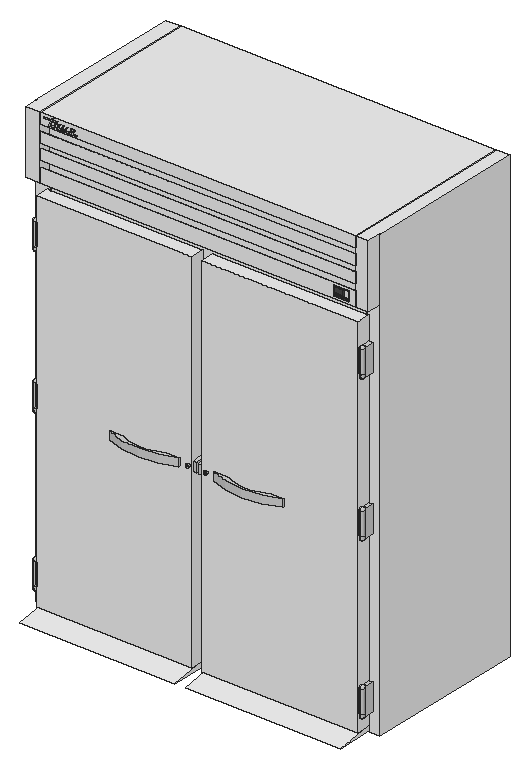
Revit family
Parameters
  Weight in Pounds = 0
  Watts = Volts * FL Amps  # 1357 W
  Volts = 115 V
  URL Cutsheet = "www.truemfg.com"
  URL = "www.truemfg.com"
  Type Mark [instance] = ""
  Type Comments = ""
  Status [instance] = ""
  Specification by User [instance] = ""
  Specification by Manufacturer = ""
  Show Logo [instance] = yes
  Show Clearance [instance] = yes
  Serial Number = ""
  Seismic Rating = ""
  SMACNA No = ""
  Revision Code [instance] = ""
  Phase = 1
  Omniclass Number and Title = ""
  Number of Poles [instance] = 1
  NAFEM Spec ID Number = ""
  Model = "STR2RRI89-2S"
  Min Ckt Ampacity = 0 A
  Max Overcurrent Protection = 0 A
  Masterspec = ""
  Manufacturer = "TRUE FOOD SERVICE EQUIPMENT, INC."
  Length = 68"
  Item Number [instance] = ""
  Installed By [instance] = ""
  Identify Quantity as Lot [instance] = yes
  Height = 88 3/4"
  HP = "1/2"
  Furnished By [instance] = ""
  Foodservice Equipment Identifier [instance] = yes
  FL Amps = 11.8 A
  Electrical Remarks [instance] = ""
  Electric Connection Type [instance] = ""
  Elec Conn RI Height [instance] = 0"
  Elec Conn Connection Height [instance] = 0"
  Description = "Roll-in Solid Swing Door Refrigerator"
  Depth = 34 3/4"
  Cycle = 60 Hz
  Conn Plug = "5-15P"
  Conn Conduit = yes
  CSI MasterFormat = ""
  CSI Master Format = ""
  Apparent Power = if(Phase = 3, Volts * FL Amps * 1.73, Volts * FL Amps)  # 1357 VA
Reference planes (in)
  plane 1 "BACK": y = 0
  plane 2: z = 0
  plane 3 "LEFT": x = 0
  plane 4 "RIGHT": x = 68
  plane 5 "FRONT": y = -34.75
  plane 6 "TOP": z = 88.75
  plane 7: x = 2.84375
  plane 8: y = -34.7042
  plane 9: x = 34
  plane 10: z = 73.75
Forms (in)
  Extrusion 1, solid, material "QF_Finishes_Chrome - Satin"
    sketch origin (0.05, 0, 0) x (1, 0, 0) y (0, 1, 0)
      loop
        line (-0.05, 0) -> (-0.05, -32) -> (2.87859, -32) -> (2.87859, 0) -> (-0.05, 0)
    from 0 to 88.75
  Extrusion 2, solid, material "QF_Finishes_Chrome - Satin"
    sketch origin (50.15, 0, 0) x (1, 0, 0) y (0, 1, 0)
      loop
        line (15.15, 0) -> (15.15, -32) -> (17.85, -32) -> (17.85, 0) -> (15.15, 0)
    from 0 to 88.75
  Extrusion 3, solid, material "QF_Finishes_Chrome - Satin"
    sketch origin (0, 0, 0) x (0, 1, 0) y (0, 0, 1)
      loop
        line (-34.7042, 76.28125) -> (-32, 76.28125) -> (-32, 0) -> (0, 0) -> (0, 88.75) -> (-34.7042, 88.75) -> (-34.7042, 86.65578) -> (-32.5, 85.08852) -> (-32.5, 83.96625) -> (-34.7042, 85.53351) -> (-34.7042, 83.3998) -> (-32.5, 81.83254) -> (-32.5, 80.87178) -> (-34.7042, 82.43904) -> (-34.7042, 80.34284) -> (-32.5, 78.77557) -> (-32.5, 77.5) -> (-34.7042, 79.06726) -> (-34.7042, 76.28125)
    from 2.92859 to 65.3
  Extrusion 4, solid, material "QF_Finishes_Chrome - Satin"
    sketch origin (0, 0, 0) x (1, 0, 0) y (0, 1, 0)
      loop
        line (67.84782, -32) -> (65.3, -32) -> (65.3, -34.75) -> (67.84782, -34.75) -> (67.84782, -32)
    from 76.28125 to 88.75
  Extrusion 5, solid, material "QF_Finishes_Chrome - Satin"
    sketch origin (-50.125, 0, 0.25) x (1, 0, 0) y (0, 1, 0)
      loop
        line (53.05359, -32) -> (50.24109, -32) -> (50.24109, -34.75) -> (53.05359, -34.75) -> (53.05359, -32)
    from 76.03125 to 88.5
  Extrusion 6, solid, material "QF_Finishes_Chrome - Satin"
    sketch origin (8.03125, -1, -0.71875) x (1, 0, 0) y (0, 0, 1)
      loop
        line (26.96875, 1.71875) -> (57.65625, 1.71875) -> (57.65625, 74.46875) -> (26.96875, 74.46875) -> (26.96875, 1.71875)
    from 31 to 33.75
  Extrusion 7, solid, material "QF_Finishes_Handrails and Railings"
    sketch origin (91.34375, -0.25, 24.93519) x (1, 0, 0) y (0, 1, 0)
      loop
        line (-53.875, -34.5) -> (-53.875, -34.7)
        arc (-53.875, -34.7) -> (-47.075, -36.14405) -> (-40.275, -34.7) r 16.7325
        line (-40.275, -34.7) -> (-40.275, -34.5) -> (-42.675, -34.5)
        arc (-42.675, -34.5) -> (-47.075, -35.65816) -> (-51.475, -34.5) r 8.93715
        line (-51.475, -34.5) -> (-53.875, -34.5)
    from 10.87731 to 12.37731
  Extrusion 8, solid, material "QF_Finishes_Handrails and Railings"
    sketch origin (9.34375, -1.08467, -3.5) x (1, 0, 0) y (0, 0, 1)
      loop
        circle (26.4375, 40.0625) r 0.35
      loop
        line (26.47265, 40.33635) -> (26.41715, 40.33635) -> (26.41715, 39.76895) -> (26.47265, 39.76895) -> (26.47265, 40.33635)
    from 33.5 to 33.83066
  Extrusion 9, solid, material "QF_Finishes_Handrails and Railings", visible <- "Show Logo"
    sketch origin (0.33478, 0.06376, 5.17482) x (1, 0, 0) y (0, 0, 1)
      loop
        line (3.46044, 83.08731) -> (3.35478, 82.86073) -> (4.76027, 82.86073)
        arc (4.76027, 82.86073) -> (4.78879, 82.81028) -> (4.76027, 82.75984) r 0.05887
        line (4.76027, 82.75984) -> (4.39369, 81.97372)
        arc (4.39369, 81.97372) -> (4.39051, 81.90091) -> (4.43975, 81.84717) r 0.09523
        line (4.43975, 81.84717) -> (5.33844, 81.84717)
        arc (5.33844, 81.84717) -> (5.45192, 81.88295) -> (5.52436, 81.97735) r 0.19785
        line (5.52436, 81.97735) -> (5.81285, 82.59601) -> (6.0779, 82.59601)
        arc (6.0779, 82.59601) -> (6.14744, 82.57043) -> (6.13737, 82.49703) r 0.05911
        line (6.13737, 82.49703) -> (5.89598, 81.97937)
        arc (5.89598, 81.97937) -> (5.89974, 81.8934) -> (5.97231, 81.84717) r 0.09318
        line (5.97231, 81.84717) -> (6.76198, 81.84717)
        arc (6.76198, 81.84717) -> (6.82249, 81.86919) -> (6.85468, 81.92495) r 0.09412
        arc (6.85468, 81.92495) -> (6.87746, 81.86995) -> (6.93246, 81.84717) r 0.07778
        line (6.93246, 81.84717) -> (7.43246, 81.84717)
        arc (7.43246, 81.84717) -> (7.49022, 81.86265) -> (7.53251, 81.90493) r 0.11552
        arc (7.53251, 81.90493) -> (7.55275, 81.85606) -> (7.60162, 81.83581) r 0.06912
        line (7.60162, 81.83581) -> (8.31225, 81.83581)
        arc (8.31225, 81.83581) -> (8.37034, 81.85988) -> (8.39441, 81.91797) r 0.08216
        arc (8.39441, 81.91797) -> (8.44767, 81.86472) -> (8.52042, 81.84522) r 0.14551
        line (8.52042, 81.84522) -> (9.85158, 81.84522) -> (9.99946, 82.10134) -> (8.65678, 82.10134)
        arc (8.65678, 82.10134) -> (8.61972, 82.12704) -> (8.61834, 82.17211) r 0.05009
        line (8.61834, 82.17211) -> (8.64157, 82.22192)
        arc (8.64157, 82.22192) -> (8.67723, 82.26864) -> (8.73327, 82.28635) r 0.09747
        line (8.73327, 82.28635) -> (9.16485, 82.28635)
        arc (9.16485, 82.28635) -> (9.258, 82.31131) -> (9.32619, 82.3795) r 0.1863
        line (9.32619, 82.3795) -> (9.45119, 82.59601)
        arc (9.45119, 82.59601) -> (9.45119, 82.71157) -> (9.35111, 82.76934) r 0.11556
        line (9.35111, 82.76934) -> (8.89562, 82.76934)
        arc (8.89562, 82.76934) -> (8.7795, 82.74962) -> (8.69849, 82.66412) r 0.18605
        line (8.69849, 82.66412) -> (8.48204, 82.19993)
        arc (8.48204, 82.19993) -> (8.41815, 82.11667) -> (8.31806, 82.08511) r 0.1745
        line (8.31806, 82.08511) -> (7.84559, 82.08511)
        arc (7.84559, 82.08511) -> (7.78903, 82.14684) -> (7.79268, 82.23048) r 0.10939
        line (7.79268, 82.23048) -> (8.04395, 82.76934) -> (7.88403, 82.76934) -> (7.61781, 82.19844)
        arc (7.61781, 82.19844) -> (7.56609, 82.13103) -> (7.48505, 82.10548) r 0.14128
        line (7.48505, 82.10548) -> (7.15925, 82.10548)
        arc (7.15925, 82.10548) -> (7.10419, 82.17723) -> (7.116, 82.26689) r 0.11816
        line (7.116, 82.26689) -> (7.3503, 82.76934) -> (7.18514, 82.76934) -> (6.91546, 82.191)
        arc (6.91546, 82.191) -> (6.85285, 82.12839) -> (6.76733, 82.10548) r 0.17104
        line (6.76733, 82.10548) -> (6.29555, 82.10548)
        arc (6.29555, 82.10548) -> (6.21082, 82.14499) -> (6.20267, 82.23813) r 0.0935
        line (6.20267, 82.23813) -> (6.35774, 82.57069) -> (6.57695, 82.57069)
        arc (6.57695, 82.57069) -> (6.61395, 82.68217) -> (6.69267, 82.76934) r 0.2857
        line (6.69267, 82.76934) -> (5.83605, 82.76934)
        arc (5.83605, 82.76934) -> (5.74086, 82.74824) -> (5.67498, 82.67635) r 0.16212
        line (5.67498, 82.67635) -> (5.44279, 82.17841)
        arc (5.44279, 82.17841) -> (5.3894, 82.12502) -> (5.31647, 82.10548) r 0.14586
        line (5.31647, 82.10548) -> (4.80506, 82.10548)
        arc (4.80506, 82.10548) -> (4.76514, 82.15942) -> (4.77274, 82.22609) r 0.09155
        line (4.77274, 82.22609) -> (5.11018, 82.86073) -> (5.96155, 82.86073) -> (6.06721, 83.08731) -> (5.21584, 83.08731) -> (5.32149, 83.31388) -> (5.01862, 83.31388) -> (4.91297, 83.08731) -> (3.46044, 83.08731)
      loop
        arc (8.83805, 82.56363) -> (8.80119, 82.55375) -> (8.7742, 82.52676) r 0.07373
        line (8.7742, 82.52676) -> (8.75229, 82.45936)
        arc (8.75229, 82.45936) -> (8.76245, 82.43483) -> (8.78699, 82.42466) r 0.0347
        line (8.78699, 82.42466) -> (9.15948, 82.42466)
        arc (9.15948, 82.42466) -> (9.18632, 82.43061) -> (9.20812, 82.44734) r 0.0635
        line (9.20812, 82.44734) -> (9.22624, 82.53122)
        arc (9.22624, 82.53122) -> (9.22091, 82.55368) -> (9.20009, 82.56363) r 0.02676
        line (9.20009, 82.56363) -> (8.83805, 82.56363)
    from 34.76797 to 34.83173
  Extrusion 10, solid, material "QF_Finishes_White"
    sketch origin (-22.74812, 0.0458, -7.83472) x (1, 0, 0) y (0, 0, 1)
      loop
        line (83.81732, 86.35727) -> (83.81732, 84.60996) -> (86.72357, 84.60996) -> (86.72357, 86.35727) -> (83.81732, 86.35727)
    from 34.75 to 34.76797
  Extrusion 11, solid, material "QF_Finishes_Black"
    sketch origin (-22.74812, 0.0458, -7.83472) x (1, 0, 0) y (0, 0, 1)
      loop
        line (86.78607, 86.41977) -> (83.75482, 86.41977) -> (83.75482, 84.54746) -> (86.78607, 84.54746) -> (86.78607, 86.41977)
      loop
        spline (83.95482, 84.87872) -> (83.96333, 84.86254) -> (83.98831, 84.84747) -> (84.02804, 84.83452) -> (84.07982, 84.82459) -> (84.14011, 84.81835) -> (84.20482, 84.81622) -> (84.26952, 84.81835) -> (84.32982, 84.82459) -> (84.38159, 84.83452) -> (84.42132, 84.84747) -> (84.4463, 84.86254) -> (84.45482, 84.87872)
        spline (84.45482, 84.87872) -> (84.4463, 84.89489) -> (84.42132, 84.90997) -> (84.38159, 84.92291) -> (84.32982, 84.93284) -> (84.26952, 84.93909) -> (84.20482, 84.94122) -> (84.14011, 84.93909) -> (84.07982, 84.93284) -> (84.02804, 84.92291) -> (83.98831, 84.90997) -> (83.96333, 84.89489) -> (83.95482, 84.87872)
      loop
        spline (84.65083, 84.87872) -> (84.65935, 84.86254) -> (84.68432, 84.84747) -> (84.72405, 84.83452) -> (84.77583, 84.82459) -> (84.83612, 84.81835) -> (84.90083, 84.81622) -> (84.96553, 84.81835) -> (85.02583, 84.82459) -> (85.07761, 84.83452) -> (85.11734, 84.84747) -> (85.14231, 84.86254) -> (85.15083, 84.87872)
        spline (85.15083, 84.87872) -> (85.14231, 84.89489) -> (85.11734, 84.90997) -> (85.07761, 84.92291) -> (85.02583, 84.93284) -> (84.96553, 84.93909) -> (84.90083, 84.94122) -> (84.83612, 84.93909) -> (84.77583, 84.93284) -> (84.72405, 84.92291) -> (84.68432, 84.90997) -> (84.65935, 84.89489) -> (84.65083, 84.87872)
      loop
        spline (85.40083, 84.87872) -> (85.40935, 84.86254) -> (85.43432, 84.84747) -> (85.47405, 84.83452) -> (85.52583, 84.82459) -> (85.58612, 84.81835) -> (85.65083, 84.81622) -> (85.71553, 84.81835) -> (85.77583, 84.82459) -> (85.82761, 84.83452) -> (85.86734, 84.84747) -> (85.89231, 84.86254) -> (85.90083, 84.87872)
        spline (85.90083, 84.87872) -> (85.89231, 84.89489) -> (85.86734, 84.90997) -> (85.82761, 84.92291) -> (85.77583, 84.93284) -> (85.71553, 84.93909) -> (85.65083, 84.94122) -> (85.58612, 84.93909) -> (85.52583, 84.93284) -> (85.47405, 84.92291) -> (85.43432, 84.90997) -> (85.40935, 84.89489) -> (85.40083, 84.87872)
      loop
        line (83.95481, 86.21978) -> (83.95481, 85.21978) -> (85.65433, 85.21978) -> (85.65433, 86.21978) -> (83.95481, 86.21978)
      loop
        line (86.72357, 86.35727) -> (83.81732, 86.35727) -> (83.81732, 84.60996) -> (86.72357, 84.60996) -> (86.72357, 86.35727)
      loop
        spline (86.15083, 84.87872) -> (86.15935, 84.86254) -> (86.18432, 84.84747) -> (86.22405, 84.83452) -> (86.27583, 84.82459) -> (86.33612, 84.81835) -> (86.40083, 84.81622) -> (86.46553, 84.81835) -> (86.52583, 84.82459) -> (86.57761, 84.83452) -> (86.61734, 84.84747) -> (86.64231, 84.86254) -> (86.65083, 84.87872)
        spline (86.65083, 84.87872) -> (86.64231, 84.89489) -> (86.61734, 84.90997) -> (86.57761, 84.92291) -> (86.52583, 84.93284) -> (86.46553, 84.93909) -> (86.40083, 84.94122) -> (86.33612, 84.93909) -> (86.27583, 84.93284) -> (86.22405, 84.92291) -> (86.18432, 84.90997) -> (86.15935, 84.89489) -> (86.15083, 84.87872)
    from 34.76797 to 34.80335
  Extrusion 12, solid
    sketch origin (-25.125, 0, 0) x (1, 0, 0) y (0, 0, 1)
      loop
        circle (89.875, 86.625) r 0.25
    from 0 to 0.0625
  Blend 13, solid, material "QF_Finishes_Handrails and Railings"
    base sketch origin (60.25, -1, -1.5) x (-1, 0, 0) y (0, 0, -1)
      loop
        line (25.25, -38.99169) -> (26, -38.99169) -> (26, -37.24169) -> (25.25, -37.24169) -> (25.25, -38.99169)
    top sketch origin (60.25, 0, -1.5) x (-1, 0, 0) y (0, 0, -1)
      loop
        line (26.18223, -36.6441) -> (25.25, -36.6441) -> (25.25, -39.42643) -> (26.18223, -39.42643) -> (26.18223, -36.6441)
    from 33.57883 to 32
  Extrusion 14, solid, material "QF_Finishes_Handrails and Railings"
    sketch origin (66.78125, 0, 0) x (0, 1, 0) y (0, 0, -1)
      loop
        line (-32, -69.17729) -> (-32, -63.86127) -> (-34.25, -63.86127) -> (-34.25, -64.57348) -> (-33.81497, -64.57348) -> (-33.81497, -68.97276)
        arc (-33.81497, -68.97276) -> (-33.75506, -69.11738) -> (-33.61044, -69.17729) r 0.20453
        line (-33.61044, -69.17729) -> (-32, -69.17729)
    from 0.17506 to 1
  Revolve 15, solid, material "QF_Finishes_Handrails and Railings"
    sketch origin (66.28125, 0, 0) x (0, 1, 0) y (0, 0, -1)
      loop
        line (-34.26563, -64.62689) -> (-34.67229, -64.62689) -> (-34.67229, -69.0986)
        arc (-34.67229, -69.0986) -> (-34.53722, -69.35057) -> (-34.26563, -69.43983) r 0.3848
        line (-34.26563, -69.43983) -> (-34.26563, -64.62689)
      loop
        line (-34.26563, -64.57348) -> (-34.26563, -63.67281)
        arc (-34.26563, -63.67281) -> (-34.53264, -63.75883) -> (-34.67229, -64.00212) r 0.38884
        line (-34.67229, -64.00212) -> (-34.67229, -64.57348) -> (-34.26563, -64.57348)
      axis (-34.26563, -63.67281) -> (-34.26563, -69.43983)
    angle from 0 to 360
  Extrusion 16, solid, material "QF_Finishes_Handrails and Railings"
    sketch origin (27.5, -1.07734, 0.0011) x (-1, 0, 0) y (0, 0, -1)
      loop
        line (-38.58509, -69.0986) -> (-38.1875, -69.0986) -> (-38.1875, -64.62579) -> (-38.58509, -64.62579) -> (-38.58509, -69.0986)
    from 32.81497 to 33.59495
  Extrusion 17, solid, material "QF_Finishes_Handrails and Railings"
    sketch origin (66.78125, 0, -24) x (0, 1, 0) y (0, 0, -1)
      loop
        line (-32, -64.55229) -> (-32, -59.23627) -> (-34.25, -59.23627) -> (-34.25, -59.94848) -> (-33.81497, -59.94848) -> (-33.81497, -64.34776)
        arc (-33.81497, -64.34776) -> (-33.75506, -64.49238) -> (-33.61044, -64.55229) r 0.20453
        line (-33.61044, -64.55229) -> (-32, -64.55229)
    from 0.17506 to 1
  Revolve 18, solid, material "QF_Finishes_Handrails and Railings"
    sketch origin (66.28125, 0, -24) x (0, 1, 0) y (0, 0, -1)
      loop
        line (-34.26563, -60.00189) -> (-34.67229, -60.00189) -> (-34.67229, -64.4736)
        arc (-34.67229, -64.4736) -> (-34.53722, -64.72557) -> (-34.26563, -64.81483) r 0.3848
        line (-34.26563, -64.81483) -> (-34.26563, -60.00189)
      loop
        line (-34.26563, -59.94848) -> (-34.26563, -59.04781)
        arc (-34.26563, -59.04781) -> (-34.53264, -59.13383) -> (-34.67229, -59.37712) r 0.38884
        line (-34.67229, -59.37712) -> (-34.67229, -59.94848) -> (-34.26563, -59.94848)
      axis (-34.26563, -59.04781) -> (-34.26563, -64.81483)
    angle from 0 to 360
  Extrusion 19, solid, material "QF_Finishes_Handrails and Railings"
    sketch origin (27.5, -1.07734, -23.9989) x (-1, 0, 0) y (0, 0, -1)
      loop
        line (-38.58509, -64.4736) -> (-38.1875, -64.4736) -> (-38.1875, -60.00079) -> (-38.58509, -60.00079) -> (-38.58509, -64.4736)
    from 32.81497 to 33.59495
  Extrusion 20, solid, material "QF_Finishes_Handrails and Railings"
    sketch origin (66.78125, 0, -55.5) x (0, 1, 0) y (0, 0, -1)
      loop
        line (-32, -64.55229) -> (-32, -59.23627) -> (-34.25, -59.23627) -> (-34.25, -59.94848) -> (-33.81497, -59.94848) -> (-33.81497, -64.34776)
        arc (-33.81497, -64.34776) -> (-33.75506, -64.49238) -> (-33.61044, -64.55229) r 0.20453
        line (-33.61044, -64.55229) -> (-32, -64.55229)
    from 0.17506 to 1
  Revolve 21, solid, material "QF_Finishes_Handrails and Railings"
    sketch origin (66.28125, 0, -55.5) x (0, 1, 0) y (0, 0, -1)
      loop
        line (-34.26563, -60.00189) -> (-34.67229, -60.00189) -> (-34.67229, -64.4736)
        arc (-34.67229, -64.4736) -> (-34.53722, -64.72557) -> (-34.26563, -64.81483) r 0.3848
        line (-34.26563, -64.81483) -> (-34.26563, -60.00189)
      loop
        line (-34.26563, -59.94848) -> (-34.26563, -59.04781)
        arc (-34.26563, -59.04781) -> (-34.53264, -59.13383) -> (-34.67229, -59.37712) r 0.38884
        line (-34.67229, -59.37712) -> (-34.67229, -59.94848) -> (-34.26563, -59.94848)
      axis (-34.26563, -59.04781) -> (-34.26563, -64.81483)
    angle from 0 to 360
  Extrusion 22, solid, material "QF_Finishes_Handrails and Railings"
    sketch origin (27.5, -1.07734, -55.4989) x (-1, 0, 0) y (0, 0, -1)
      loop
        line (-38.58509, -64.4736) -> (-38.1875, -64.4736) -> (-38.1875, -60.00079) -> (-38.58509, -60.00079) -> (-38.58509, -64.4736)
    from 32.81497 to 33.59495
  Extrusion 23, solid, material "QF_Finishes_Chrome - Satin"
    sketch origin (65.6875, -1, 1) x (0, 0, 1) y (0, -1, 0)
      loop
        line (-1, 37.875) -> (-1, 31) -> (0, 31) -> (-1, 37.875)
    from 0 to -30.6875
  Extrusion 24, solid, material "QF_Finishes_Chrome - Satin"
    sketch origin (59.96875, -1, -0.71875) x (-1, 0, 0) y (0, 0, -1)
      loop
        line (26.96875, -1.71875) -> (26.96875, -74.46875) -> (57.65625, -74.46875) -> (57.65625, -1.71875) -> (26.96875, -1.71875)
    from 31 to 33.75
  Extrusion 25, solid, material "QF_Finishes_Handrails and Railings"
    sketch origin (-23.34375, -0.25, 24.93519) x (1, 0, 0) y (0, 1, 0)
      loop
        line (53.875, -34.5) -> (51.475, -34.5)
        arc (51.475, -34.5) -> (47.075, -35.65816) -> (42.675, -34.5) r 8.93715
        line (42.675, -34.5) -> (40.275, -34.5) -> (40.275, -34.7)
        arc (40.275, -34.7) -> (47.075, -36.14405) -> (53.875, -34.7) r 16.7325
        line (53.875, -34.7) -> (53.875, -34.5)
    from 10.87731 to 12.37731
  Extrusion 26, solid, material "QF_Finishes_Handrails and Railings"
    sketch origin (58.65625, -1.08467, -3.5) x (-1, 0, 0) y (0, 0, -1)
      loop
        circle (26.4375, -40.0625) r 0.35
      loop
        line (26.47265, -40.33635) -> (26.47265, -39.76895) -> (26.41715, -39.76895) -> (26.41715, -40.33635) -> (26.47265, -40.33635)
    from 33.5 to 33.83066
  Blend 27, solid, material "QF_Finishes_Handrails and Railings"
    base sketch origin (7.75, -1, -1.5) x (1, 0, 0) y (0, 0, 1)
      loop
        line (25.25, 38.99169) -> (25.25, 37.24169) -> (26, 37.24169) -> (26, 38.99169) -> (25.25, 38.99169)
    top sketch origin (7.75, 0, -1.5) x (1, 0, 0) y (0, 0, 1)
      loop
        line (26.18223, 36.6441) -> (26.18223, 39.42643) -> (25.25, 39.42643) -> (25.25, 36.6441) -> (26.18223, 36.6441)
    from 33.57883 to 32
  Extrusion 28, solid, material "QF_Finishes_Handrails and Railings"
    sketch origin (1.21875, 0, 0) x (0, 1, 0) y (0, 0, 1)
      loop
        line (-32, 69.17729) -> (-33.61044, 69.17729)
        arc (-33.61044, 69.17729) -> (-33.75506, 69.11738) -> (-33.81497, 68.97276) r 0.20453
        line (-33.81497, 68.97276) -> (-33.81497, 64.57348) -> (-34.25, 64.57348) -> (-34.25, 63.86127) -> (-32, 63.86127) -> (-32, 69.17729)
    from 0.17506 to 1
  Revolve 29, solid, material "QF_Finishes_Handrails and Railings"
    sketch origin (1.71875, 0, 0) x (0, 1, 0) y (0, 0, 1)
      loop
        line (-34.26563, 64.62689) -> (-34.26563, 69.43983)
        arc (-34.26563, 69.43983) -> (-34.53722, 69.35057) -> (-34.67229, 69.0986) r 0.3848
        line (-34.67229, 69.0986) -> (-34.67229, 64.62689) -> (-34.26563, 64.62689)
      loop
        line (-34.26563, 64.57348) -> (-34.67229, 64.57348) -> (-34.67229, 64.00212)
        arc (-34.67229, 64.00212) -> (-34.53264, 63.75883) -> (-34.26563, 63.67281) r 0.38884
        line (-34.26563, 63.67281) -> (-34.26563, 64.57348)
      axis (-34.26563, 63.67281) -> (-34.26563, 69.43983)
    angle from 0 to 360
  Extrusion 30, solid, material "QF_Finishes_Handrails and Railings"
    sketch origin (40.5, -1.07734, 0.0011) x (1, 0, 0) y (0, 0, 1)
      loop
        line (-38.58509, 69.0986) -> (-38.58509, 64.62579) -> (-38.1875, 64.62579) -> (-38.1875, 69.0986) -> (-38.58509, 69.0986)
    from 32.81497 to 33.59495
  Extrusion 31, solid, material "QF_Finishes_Handrails and Railings"
    sketch origin (1.21875, 0, -24) x (0, 1, 0) y (0, 0, 1)
      loop
        line (-32, 64.55229) -> (-33.61044, 64.55229)
        arc (-33.61044, 64.55229) -> (-33.75506, 64.49238) -> (-33.81497, 64.34776) r 0.20453
        line (-33.81497, 64.34776) -> (-33.81497, 59.94848) -> (-34.25, 59.94848) -> (-34.25, 59.23627) -> (-32, 59.23627) -> (-32, 64.55229)
    from 0.17506 to 1
  Revolve 32, solid, material "QF_Finishes_Handrails and Railings"
    sketch origin (1.71875, 0, -24) x (0, 1, 0) y (0, 0, 1)
      loop
        line (-34.26563, 60.00189) -> (-34.26563, 64.81483)
        arc (-34.26563, 64.81483) -> (-34.53722, 64.72557) -> (-34.67229, 64.4736) r 0.3848
        line (-34.67229, 64.4736) -> (-34.67229, 60.00189) -> (-34.26563, 60.00189)
      loop
        line (-34.26563, 59.94848) -> (-34.67229, 59.94848) -> (-34.67229, 59.37712)
        arc (-34.67229, 59.37712) -> (-34.53264, 59.13383) -> (-34.26563, 59.04781) r 0.38884
        line (-34.26563, 59.04781) -> (-34.26563, 59.94848)
      axis (-34.26563, 59.04781) -> (-34.26563, 64.81483)
    angle from 0 to 360
  Extrusion 33, solid, material "QF_Finishes_Handrails and Railings"
    sketch origin (40.5, -1.07734, -23.9989) x (1, 0, 0) y (0, 0, 1)
      loop
        line (-38.58509, 64.4736) -> (-38.58509, 60.00079) -> (-38.1875, 60.00079) -> (-38.1875, 64.4736) -> (-38.58509, 64.4736)
    from 32.81497 to 33.59495
  Extrusion 34, solid, material "QF_Finishes_Handrails and Railings"
    sketch origin (1.21875, 0, -55.5) x (0, 1, 0) y (0, 0, 1)
      loop
        line (-32, 64.55229) -> (-33.61044, 64.55229)
        arc (-33.61044, 64.55229) -> (-33.75506, 64.49238) -> (-33.81497, 64.34776) r 0.20453
        line (-33.81497, 64.34776) -> (-33.81497, 59.94848) -> (-34.25, 59.94848) -> (-34.25, 59.23627) -> (-32, 59.23627) -> (-32, 64.55229)
    from 0.17506 to 1
  Revolve 35, solid, material "QF_Finishes_Handrails and Railings"
    sketch origin (1.71875, 0, -55.5) x (0, 1, 0) y (0, 0, 1)
      loop
        line (-34.26563, 60.00189) -> (-34.26563, 64.81483)
        arc (-34.26563, 64.81483) -> (-34.53722, 64.72557) -> (-34.67229, 64.4736) r 0.3848
        line (-34.67229, 64.4736) -> (-34.67229, 60.00189) -> (-34.26563, 60.00189)
      loop
        line (-34.26563, 59.94848) -> (-34.67229, 59.94848) -> (-34.67229, 59.37712)
        arc (-34.67229, 59.37712) -> (-34.53264, 59.13383) -> (-34.26563, 59.04781) r 0.38884
        line (-34.26563, 59.04781) -> (-34.26563, 59.94848)
      axis (-34.26563, 59.04781) -> (-34.26563, 64.81483)
    angle from 0 to 360
  Extrusion 36, solid, material "QF_Finishes_Handrails and Railings"
    sketch origin (40.5, -1.07734, -55.4989) x (1, 0, 0) y (0, 0, 1)
      loop
        line (-38.58509, 64.4736) -> (-38.58509, 60.00079) -> (-38.1875, 60.00079) -> (-38.1875, 64.4736) -> (-38.58509, 64.4736)
    from 32.81497 to 33.59495
  Extrusion 37, solid, material "QF_Finishes_Chrome - Satin"
    sketch origin (2.3125, -1, 1) x (0, 0, 1) y (0, 1, 0)
      loop
        line (-1, -37.875) -> (0, -31) -> (-1, -31) -> (-1, -37.875)
    from 0 to -30.6875
  Extrusion 38, solid, material "QF_Finishes_Door Clearance", visible <- "Show Clearance", detail levels coarse
    sketch origin (32.71875, -1, 1) x (0, 1, 0) y (1, 0, 0)
      loop
        line (-33.75, -30.40625) -> (-33.75, 0.28125)
        arc (-33.75, 0.28125) -> (-55.44934, -8.70691) -> (-64.4375, -30.40625) r 30.6875
        line (-64.4375, -30.40625) -> (-33.75, -30.40625)
      loop
        line (-33.75, 32.96875) -> (-64.4375, 32.96875)
        arc (-64.4375, 32.96875) -> (-55.44934, 11.26941) -> (-33.75, 2.28125) r 30.6875
        line (-33.75, 2.28125) -> (-33.75, 32.96875)
    from 0 to -72.75
Cuts and joins
  joined: Extrusion 1, Extrusion 2, Extrusion 4, Extrusion 5
Lines and regions (in)
  symbolic lines
    curve 1: line (0, 0, 0) -> (68, 0, 0)
    curve 2: line (0, -34.75, 0) -> (0, 0, 0)
    curve 3: line (68, -34.75, 0) -> (0, -34.75, 0)
    curve 4: line (68, 0, 0) -> (68, -34.75, 0)
    curve 5: line (68, -32.5, 0) -> (0, -32.5, 0)
    curve 6: arc (28.13125, -34.75, 0) -> (23.73125, -35.90816, 0) -> (19.33125, -34.75, 0) r 8.93715
    curve 7: arc (16.93125, -34.95, 0) -> (23.73125, -36.39405, 0) -> (30.53125, -34.95, 0) r 16.7325
    curve 8: line (16.93125, -34.75, 0) -> (16.93125, -34.95, 0)
    curve 9: line (30.53125, -34.95, 0) -> (30.53125, -34.75, 0)
    curve 10: arc (48.66875, -34.75, 0) -> (44.26875, -35.90816, 0) -> (39.86875, -34.75, 0) r 8.93715
    curve 11: arc (37.46875, -34.95, 0) -> (44.26875, -36.39405, 0) -> (51.06875, -34.95, 0) r 16.7325
    curve 12: line (37.46875, -34.75, 0) -> (37.46875, -34.95, 0)
    curve 13: line (51.06875, -34.95, 0) -> (51.06875, -34.75, 0)
  symbolic lines, style "QF_Door Swings", visible <- "Show Clearance", detail levels coarse
    curve 14: line (2.3125, -34.75, 0) -> (2.3125, -65.4375, 0)
    curve 15: arc (33, -34.75, 0) -> (24.01184, -56.44934, 0) -> (2.3125, -65.4375, 0) r 30.6875
    curve 16: arc (65.6875, -65.4375, 0) -> (43.98816, -56.44934, 0) -> (35, -34.75, 0) r 30.6875
    curve 17: line (65.6875, -65.4375, 0) -> (65.6875, -34.75, 0)
Dimensions and locks (in)
  "Depth": plane 5 "FRONT" to plane 1 "BACK"
  "Height": plane 6 "TOP" to level
  Extrusion 6 sketch curve to Extrusion 6 sketch curve = 30 11/16"
  Extrusion 6 to plane 1 "BACK" = 34 3/4"
  "Length": plane 3 "LEFT" to plane 4 "RIGHT"
  plane 4 "RIGHT" to plane 3 "LEFT" = 68"
  equal spacing: plane 3 "LEFT", plane 9, plane 4 "RIGHT"
  Extrusion 24 sketch curve to Extrusion 24 sketch curve = 30 11/16"
  plane 10 to level = 73 3/4"
  aligned and locked: level to plane 2
Automatic sketch dimensions
  plane 1 "BACK" to curve 1 = 0"
  curve 1 to plane 3 "LEFT" = 0"
  plane 5 "FRONT" to curve 8 = 0"
  curve 4 to plane 4 "RIGHT" = 0"
  plane 5 "FRONT" to curve 7 = 0.2"
  plane 7 to curve 7 = 14.0875"
  curve 8 to curve 6 = 2.4"
  curve 6 to curve 6 = 4.4"
  curve 7 to curve 6 = 0"
  plane 5 "FRONT" to curve 9 = 0.2"
  plane 5 "FRONT" to curve 12 = 0.2"
  curve 12 to plane 9 = 3 15/32"
  curve 12 to curve 10 = 2.4"
  curve 10 to curve 10 = 4.4"
  curve 11 to curve 10 = 0"
  plane 5 "FRONT" to curve 11 = 0.2"
  curve 5 to plane 5 "FRONT" = 2 1/4"
  curve 10 to plane 5 "FRONT" = 7.77899"
  curve 6 to plane 5 "FRONT" = 7.77899"
  curve 10 to curve 11 = 7.30945"
  curve 6 to curve 7 = 7.30945"
  Extrusion 1 sketch curve to plane 3 "LEFT" = 0"
  plane 1 "BACK" to Extrusion 1 sketch curve = 0"
  plane 7 to Extrusion 1 sketch curve = 0.08484"
  Extrusion 1 sketch curve to plane 5 "FRONT" = 2 3/4"
  plane 1 "BACK" to Extrusion 2 sketch curve = 0"
  Extrusion 2 sketch curve to plane 4 "RIGHT" = 0"
  Extrusion 2 sketch curve to plane 4 "RIGHT" = 2.7"
  Extrusion 2 sketch curve to plane 5 "FRONT" = 2 3/4"
  Extrusion 3 sketch curve to plane 8 = 0"  (x4)
  Extrusion 3 sketch curve to level = 0"
  Extrusion 3 sketch curve to plane 6 "TOP" = 0"
  plane 8 to Extrusion 3 sketch curve = 2.2042"  (x2)
  Extrusion 3 sketch curve to Extrusion 3 sketch curve = 0"
  Extrusion 3 sketch curve to Extrusion 3 sketch curve = 1/2"
  plane 1 "BACK" to Extrusion 3 sketch curve = 0"
  Extrusion 3 sketch curve to plane 6 "TOP" = 12 15/32"
  Extrusion 3 sketch curve to Extrusion 3 sketch curve = 1 7/32"
  Extrusion 3 sketch curve to Extrusion 3 sketch curve = 1.27557"  (x2)
  Extrusion 3 sketch curve to Extrusion 3 sketch curve = 0.29169"
  Extrusion 3 sketch curve to Extrusion 3 sketch curve = 2.0962"  (x2)
  Extrusion 3 sketch curve to Extrusion 3 sketch curve = 0.96076"  (x2)
  Extrusion 3 sketch curve to Extrusion 3 sketch curve = 2.13371"  (x2)
  Extrusion 3 sketch curve to Extrusion 3 sketch curve = 1.12227"  (x2)
  plane 5 "FRONT" to Extrusion 4 sketch curve = 0"
  Extrusion 4 sketch curve to plane 4 "RIGHT" = 2.7"
  Extrusion 4 sketch curve to plane 4 "RIGHT" = 0.15218"
  Extrusion 4 sketch curve to plane 5 "FRONT" = 2 3/4"
  plane 5 "FRONT" to Extrusion 5 sketch curve = 0"
  plane 3 "LEFT" to Extrusion 5 sketch curve = 0.11609"
  plane 7 to Extrusion 5 sketch curve = 0.08484"
  Extrusion 5 sketch curve to plane 5 "FRONT" = 2 3/4"
  Extrusion 6 sketch curve to plane 9 = 1"
  level to Extrusion 6 sketch curve = 1"
  Extrusion 6 sketch curve to plane 6 "TOP" = 15"
  plane 5 "FRONT" to Extrusion 7 sketch curve = 0"  (x2)
  Extrusion 7 sketch curve to plane 9 = 3 15/32"
  Extrusion 7 sketch curve to Extrusion 7 sketch curve = 2.4"  (x2)
  Extrusion 7 sketch curve to Extrusion 7 sketch curve = 4.4"
  Extrusion 7 sketch curve to Extrusion 7 sketch curve = 0"
  Extrusion 7 sketch curve to Extrusion 7 sketch curve = 0.2"
  Extrusion 7 sketch curve to plane 5 "FRONT" = 7.77899"
  Extrusion 7 sketch curve to Extrusion 7 sketch curve = 7.30945"
  Extrusion 8 sketch curve to plane 9 = 1.7609"
  Extrusion 8 sketch curve to Extrusion 8 sketch curve = 0.02035"
  Extrusion 8 sketch curve to Extrusion 8 sketch curve = 0.0555"
  level to Extrusion 8 sketch curve = 36.26895"
  Extrusion 8 sketch curve to Extrusion 8 sketch curve = 0.29355"
  Extrusion 8 sketch curve to Extrusion 8 sketch curve = 0.27385"
  plane 7 to Extrusion 9 sketch curve = 0.84582"
  Extrusion 9 sketch curve to Extrusion 9 sketch curve = 0.10565"  (x5)
  Extrusion 9 sketch curve to Extrusion 9 sketch curve = 1.03891"
  Extrusion 9 sketch curve to Extrusion 9 sketch curve = 0.04606"
  Extrusion 9 sketch curve to Extrusion 9 sketch curve = 0.08631"
  Extrusion 9 sketch curve to Extrusion 9 sketch curve = 0.33624"
  Extrusion 9 sketch curve to Extrusion 9 sketch curve = 0.03034"  (x2)
  Extrusion 9 sketch curve to Extrusion 9 sketch curve = 0.29274"
  Extrusion 9 sketch curve to Extrusion 9 sketch curve = 0.03232"
  Extrusion 9 sketch curve to Extrusion 9 sketch curve = 0.04851"
  Extrusion 9 sketch curve to plane 6 "TOP" = 0.48787"
  Extrusion 9 sketch curve to Extrusion 9 sketch curve = 0.1527"
  Extrusion 9 sketch curve to plane 6 "TOP" = 0.2613"
  Extrusion 9 sketch curve to Extrusion 9 sketch curve = 0.19721"
  Extrusion 9 sketch curve to Extrusion 9 sketch curve = 0.4629"
  Extrusion 9 sketch curve to Extrusion 9 sketch curve = 0.02197"
  Extrusion 9 sketch curve to Extrusion 9 sketch curve = 0.12632"
  Extrusion 9 sketch curve to Extrusion 9 sketch curve = 0.18591"
  Extrusion 9 sketch curve to plane 6 "TOP" = 0.89883"
  Extrusion 9 sketch curve to Extrusion 9 sketch curve = 0.2322"
  Extrusion 9 sketch curve to Extrusion 9 sketch curve = 0.13786"
  Extrusion 9 sketch curve to Extrusion 9 sketch curve = 0.00907"
  Extrusion 9 sketch curve to Extrusion 9 sketch curve = 0.01413"
  Extrusion 9 sketch curve to Extrusion 9 sketch curve = 0.37162"
  Extrusion 9 sketch curve to plane 6 "TOP" = 0.71445"
  Extrusion 9 sketch curve to Extrusion 9 sketch curve = 0.12551"
  Extrusion 9 sketch curve to Extrusion 9 sketch curve = 0.07633"
  Extrusion 9 sketch curve to Extrusion 9 sketch curve = 0.08445"
  Extrusion 9 sketch curve to Extrusion 9 sketch curve = 0.25598"
  Extrusion 9 sketch curve to Extrusion 9 sketch curve = 0.01887"
  Extrusion 9 sketch curve to Extrusion 9 sketch curve = 0.04061"
  Extrusion 9 sketch curve to plane 6 "TOP" = 1.33705"
  Extrusion 9 sketch curve to Extrusion 9 sketch curve = 0.0653"
  Extrusion 9 sketch curve to Extrusion 9 sketch curve = 0.08474"
  Extrusion 9 sketch curve to Extrusion 9 sketch curve = 0.00815"
  Extrusion 9 sketch curve to Extrusion 9 sketch curve = 0.22037"
  Extrusion 9 sketch curve to Extrusion 9 sketch curve = 0.21921"
  Extrusion 9 sketch curve to Extrusion 9 sketch curve = 0.11572"
  Extrusion 9 sketch curve to Extrusion 9 sketch curve = 0.46643"
  Extrusion 9 sketch curve to Extrusion 9 sketch curve = 0.00535"
  Extrusion 9 sketch curve to Extrusion 9 sketch curve = 0.09269"
  Extrusion 9 sketch curve to Extrusion 9 sketch curve = 0.09348"
  Extrusion 9 sketch curve to Extrusion 9 sketch curve = 0.14812"
  Extrusion 9 sketch curve to Extrusion 9 sketch curve = 0.07778"
  Extrusion 9 sketch curve to Extrusion 9 sketch curve = 0.20054"
  Extrusion 9 sketch curve to Extrusion 9 sketch curve = 0.04325"
  Extrusion 9 sketch curve to plane 6 "TOP" = 0.80584"  (x2)
  Extrusion 9 sketch curve to Extrusion 9 sketch curve = 0.32433"
  Extrusion 9 sketch curve to Extrusion 9 sketch curve = 0.10233"  (x2)
  Extrusion 9 sketch curve to Extrusion 9 sketch curve = 0.16515"
  Extrusion 9 sketch curve to Extrusion 9 sketch curve = 0.27321"
  Extrusion 9 sketch curve to Extrusion 9 sketch curve = 0.0526"
  Extrusion 9 sketch curve to Extrusion 9 sketch curve = 0.10005"
  Extrusion 9 sketch curve to Extrusion 9 sketch curve = 0.06912"
  Extrusion 9 sketch curve to Extrusion 9 sketch curve = 0.13276"
  Extrusion 9 sketch curve to plane 6 "TOP" = 1.3447"
  Extrusion 9 sketch curve to Extrusion 9 sketch curve = 0.17486"
  Extrusion 9 sketch curve to Extrusion 9 sketch curve = 0.05291"
  Extrusion 9 sketch curve to Extrusion 9 sketch curve = 0.53374"
  Extrusion 9 sketch curve to Extrusion 9 sketch curve = 0.09914"
  Extrusion 9 sketch curve to Extrusion 9 sketch curve = 0.15992"
  Extrusion 9 sketch curve to Extrusion 9 sketch curve = 0.46666"
  Extrusion 9 sketch curve to Extrusion 9 sketch curve = 0.00582"
  Extrusion 9 sketch curve to Extrusion 9 sketch curve = 0.08216"
  Extrusion 9 sketch curve to Extrusion 9 sketch curve = 0.16397"
  Extrusion 9 sketch curve to Extrusion 9 sketch curve = 0.12601"
  Extrusion 9 sketch curve to plane 6 "TOP" = 1.40307"
  Extrusion 9 sketch curve to Extrusion 9 sketch curve = 0.1363"
  Extrusion 9 sketch curve to plane 6 "TOP" = 1.35326"
  Extrusion 9 sketch curve to Extrusion 9 sketch curve = 0.02323"
  Extrusion 9 sketch curve to Extrusion 9 sketch curve = 0.03844"
  Extrusion 9 sketch curve to Extrusion 9 sketch curve = 0.0454"
  Extrusion 9 sketch curve to Extrusion 9 sketch curve = 0.05693"
  Extrusion 9 sketch curve to Extrusion 9 sketch curve = 0.0917"
  Extrusion 9 sketch curve to Extrusion 9 sketch curve = 0.01902"
  Extrusion 9 sketch curve to Extrusion 9 sketch curve = 0.02191"
  Extrusion 9 sketch curve to Extrusion 9 sketch curve = 0.0347"
  Extrusion 9 sketch curve to Extrusion 9 sketch curve = 0.06385"
  Extrusion 9 sketch curve to Extrusion 9 sketch curve = 0.02906"
  Extrusion 9 sketch curve to Extrusion 9 sketch curve = 0.02851"
  Extrusion 9 sketch curve to Extrusion 9 sketch curve = 0.29237"
  Extrusion 9 sketch curve to Extrusion 9 sketch curve = 0.00537"
  Extrusion 9 sketch curve to Extrusion 9 sketch curve = 0.0406"
  Extrusion 9 sketch curve to plane 6 "TOP" = 1.12784"
  Extrusion 9 sketch curve to Extrusion 9 sketch curve = 0.04327"
  Extrusion 9 sketch curve to Extrusion 9 sketch curve = 0.02615"
  Extrusion 9 sketch curve to plane 6 "TOP" = 1.19568"
  Extrusion 9 sketch curve to Extrusion 9 sketch curve = 0.11806"
  Extrusion 9 sketch curve to Extrusion 9 sketch curve = 0.15103"
  Extrusion 9 sketch curve to Extrusion 9 sketch curve = 0.10007"
  Extrusion 9 sketch curve to Extrusion 9 sketch curve = 0.5254"
  Extrusion 9 sketch curve to plane 6 "TOP" = 1.47384"
  Extrusion 9 sketch curve to Extrusion 9 sketch curve = 0.14787"
  Extrusion 9 sketch curve to Extrusion 9 sketch curve = 0.14537"
  Extrusion 9 sketch curve to Extrusion 9 sketch curve = 0.63134"
  Extrusion 9 sketch curve to Extrusion 9 sketch curve = 0.11061"
  Extrusion 9 sketch curve to Extrusion 9 sketch curve = 0.25876"
  Extrusion 9 sketch curve to Extrusion 9 sketch curve = 0.06767"
  Extrusion 9 sketch curve to Extrusion 9 sketch curve = 0.12655"
  Extrusion 9 sketch curve to Extrusion 9 sketch curve = 0.12242"
  Extrusion 9 sketch curve to Extrusion 9 sketch curve = 0.29684"
  Extrusion 9 sketch curve to Extrusion 9 sketch curve = 0.03938"
  Extrusion 9 sketch curve to Extrusion 9 sketch curve = 0.06046"
  Extrusion 9 sketch curve to Extrusion 9 sketch curve = 0.13266"
  Extrusion 9 sketch curve to Extrusion 9 sketch curve = 0.14279"
  Extrusion 9 sketch curve to Extrusion 9 sketch curve = 0.07293"
  Extrusion 9 sketch curve to Extrusion 9 sketch curve = 0.07764"
  Extrusion 9 sketch curve to Extrusion 9 sketch curve = 0.03794"
  Extrusion 9 sketch curve to Extrusion 9 sketch curve = 0.08552"
  Extrusion 9 sketch curve to Extrusion 9 sketch curve = 0.09296"
  Extrusion 9 sketch curve to Extrusion 9 sketch curve = 0.02781"
  Extrusion 9 sketch curve to Extrusion 9 sketch curve = 0.04799"
  Extrusion 9 sketch curve to Extrusion 9 sketch curve = 0.03054"
  Extrusion 9 sketch curve to Extrusion 9 sketch curve = 0.2589"
  Extrusion 9 sketch curve to Extrusion 9 sketch curve = 0.0674"
  Extrusion 9 sketch curve to Extrusion 9 sketch curve = 0.0324"
  Extrusion 9 sketch curve to Extrusion 9 sketch curve = 0.26185"
  Extrusion 9 sketch curve to Extrusion 9 sketch curve = 11/256"
  Extrusion 9 sketch curve to Extrusion 9 sketch curve = 0.07366"
  Extrusion 9 sketch curve to Extrusion 9 sketch curve = 0.02187"
  Extrusion 9 sketch curve to Extrusion 9 sketch curve = 0.06479"
  Extrusion 9 sketch curve to Extrusion 9 sketch curve = 0.05778"
  Extrusion 9 sketch curve to Extrusion 9 sketch curve = 0.32747"
  Extrusion 9 sketch curve to Extrusion 9 sketch curve = 0.05045"
  Extrusion 9 sketch curve to Extrusion 9 sketch curve = 29/128"
  Extrusion 10 sketch curve to plane 4 "RIGHT" = 6.9308"
  Extrusion 10 sketch curve to Extrusion 10 sketch curve = 2 29/32"
  Extrusion 10 sketch curve to plane 6 "TOP" = 11.97476"
  Extrusion 10 sketch curve to Extrusion 10 sketch curve = 1.74732"
  Extrusion 11 sketch curve to plane 4 "RIGHT" = 6.9933"
  Extrusion 11 sketch curve to Extrusion 11 sketch curve = 1/16"  (x4)
  Extrusion 11 sketch curve to Extrusion 11 sketch curve = 0.1375"  (x3)
  Extrusion 11 sketch curve to Extrusion 11 sketch curve = 1/4"  (x4)
  Extrusion 11 sketch curve to Extrusion 11 sketch curve = 0.44601"
  Extrusion 11 sketch curve to Extrusion 11 sketch curve = 1/2"  (x2)
  Extrusion 11 sketch curve to Extrusion 11 sketch curve = 0.0035"
  Extrusion 11 sketch curve to Extrusion 11 sketch curve = 1.06923"
  Extrusion 11 sketch curve to plane 6 "TOP" = 12.03726"
  Extrusion 11 sketch curve to Extrusion 11 sketch curve = 0.26876"  (x2)
  Extrusion 11 sketch curve to Extrusion 11 sketch curve = 0"  (x2)
  Extrusion 11 sketch curve to Extrusion 11 sketch curve = 0.34106"
  Extrusion 11 sketch curve to Extrusion 11 sketch curve = 1"
  Extrusion 12 sketch curve to plane 4 "RIGHT" = 3 1/4"
  Extrusion 12 sketch curve to plane 6 "TOP" = 2 1/8"
  Blend 13 sketch curve to plane 9 = 1"
  Blend 13 sketch curve to plane 9 = 1/4"
  level to Blend 13 sketch curve = 37.49169"
  Blend 13 sketch curve to Blend 13 sketch curve = 1 3/4"
  plane 9 to Blend 13 sketch curve = 1"
  plane 9 to Blend 13 sketch curve = 0.06777"
  Blend 13 sketch curve to level = 35.1441"
  Blend 13 sketch curve to Blend 13 sketch curve = 2.78233"
  Extrusion 14 sketch curve to plane 5 "FRONT" = 1/2"
  Extrusion 14 sketch curve to Extrusion 14 sketch curve = 0.43503"
  Extrusion 14 sketch curve to Extrusion 14 sketch curve = 0.20453"
  Extrusion 14 sketch curve to Extrusion 14 sketch curve = 1.61044"
  Extrusion 14 sketch curve to plane 6 "TOP" = 19.57271"
  Extrusion 14 sketch curve to Extrusion 14 sketch curve = 4.39928"
  Extrusion 14 sketch curve to Extrusion 14 sketch curve = 0.71221"
  Revolve 15 sketch curve to plane 5 "FRONT" = 0.07771"  (x2)
  Revolve 15 sketch curve to Revolve 15 sketch curve = 0.38242"
  Revolve 15 sketch curve to Revolve 15 sketch curve = 0.38436"
  Revolve 15 sketch curve to plane 5 "FRONT" = 31/64"
  Revolve 15 sketch curve to Revolve 15 sketch curve = 0.40666"
  Revolve 15 sketch curve to Revolve 15 sketch curve = 0"
  Revolve 15 sketch curve to plane 6 "TOP" = 18.75492"
  Revolve 15 sketch curve to Revolve 15 sketch curve = 0.55526"
  Revolve 15 sketch curve to Revolve 15 sketch curve = 0.19474"
  Revolve 15 sketch curve to Revolve 15 sketch curve = 0.14649"
  Revolve 15 sketch curve to Revolve 15 sketch curve = 4.42889"
  Revolve 15 sketch curve to Revolve 15 sketch curve = 0.05342"
  Revolve 15 sketch curve to Revolve 15 sketch curve = 0.51246"
  Revolve 15 sketch curve to Revolve 15 sketch curve = 0.05889"
  Extrusion 16 sketch curve to plane 4 "RIGHT" = 1.91491"
  Extrusion 16 sketch curve to Extrusion 16 sketch curve = 0.39759"
  Extrusion 16 sketch curve to plane 6 "TOP" = 19.6503"
  Extrusion 16 sketch curve to Extrusion 16 sketch curve = 4.47281"
  Extrusion 17 sketch curve to plane 5 "FRONT" = 1/2"
  Extrusion 17 sketch curve to Extrusion 17 sketch curve = 0.43503"
  Extrusion 17 sketch curve to Extrusion 17 sketch curve = 0.20453"
  Extrusion 17 sketch curve to Extrusion 17 sketch curve = 1.61044"
  level to Extrusion 17 sketch curve = 40.55229"
  Extrusion 17 sketch curve to Extrusion 17 sketch curve = 4.39928"
  Extrusion 17 sketch curve to Extrusion 17 sketch curve = 0.71221"
  Revolve 18 sketch curve to plane 5 "FRONT" = 0.07771"  (x2)
  Revolve 18 sketch curve to Revolve 18 sketch curve = 0.38242"
  Revolve 18 sketch curve to Revolve 18 sketch curve = 0.38436"
  Revolve 18 sketch curve to plane 5 "FRONT" = 31/64"
  Revolve 18 sketch curve to Revolve 18 sketch curve = 0.40666"
  Revolve 18 sketch curve to Revolve 18 sketch curve = 0"
  level to Revolve 18 sketch curve = 41.37008"
  Revolve 18 sketch curve to Revolve 18 sketch curve = 0.55526"
  Revolve 18 sketch curve to Revolve 18 sketch curve = 0.19474"
  Revolve 18 sketch curve to Revolve 18 sketch curve = 0.14649"
  Revolve 18 sketch curve to Revolve 18 sketch curve = 4.42889"
  Revolve 18 sketch curve to Revolve 18 sketch curve = 0.05342"
  Revolve 18 sketch curve to Revolve 18 sketch curve = 0.51246"
  Revolve 18 sketch curve to Revolve 18 sketch curve = 0.05889"
  Extrusion 19 sketch curve to plane 4 "RIGHT" = 1.91491"
  Extrusion 19 sketch curve to Extrusion 19 sketch curve = 0.39759"
  level to Extrusion 19 sketch curve = 40.4747"
  Extrusion 19 sketch curve to Extrusion 19 sketch curve = 4.47281"
  Extrusion 20 sketch curve to plane 5 "FRONT" = 1/2"
  Extrusion 20 sketch curve to Extrusion 20 sketch curve = 0.43503"
  Extrusion 20 sketch curve to Extrusion 20 sketch curve = 0.20453"
  Extrusion 20 sketch curve to Extrusion 20 sketch curve = 1.61044"
  level to Extrusion 20 sketch curve = 9.05229"
  Extrusion 20 sketch curve to Extrusion 20 sketch curve = 4.39928"
  Extrusion 20 sketch curve to Extrusion 20 sketch curve = 0.71221"
  Revolve 21 sketch curve to plane 5 "FRONT" = 0.07771"  (x2)
  Revolve 21 sketch curve to Revolve 21 sketch curve = 0.38242"
  Revolve 21 sketch curve to Revolve 21 sketch curve = 0.38436"
  Revolve 21 sketch curve to plane 5 "FRONT" = 31/64"
  Revolve 21 sketch curve to Revolve 21 sketch curve = 0.40666"
  Revolve 21 sketch curve to Revolve 21 sketch curve = 0"
  level to Revolve 21 sketch curve = 9.87008"
  Revolve 21 sketch curve to Revolve 21 sketch curve = 0.55526"
  Revolve 21 sketch curve to Revolve 21 sketch curve = 0.19474"
  Revolve 21 sketch curve to Revolve 21 sketch curve = 0.14649"
  Revolve 21 sketch curve to Revolve 21 sketch curve = 4.42889"
  Revolve 21 sketch curve to Revolve 21 sketch curve = 0.05342"
  Revolve 21 sketch curve to Revolve 21 sketch curve = 0.51246"
  Revolve 21 sketch curve to Revolve 21 sketch curve = 0.05889"
  Extrusion 22 sketch curve to plane 4 "RIGHT" = 1.91491"
  Extrusion 22 sketch curve to Extrusion 22 sketch curve = 0.39759"
  level to Extrusion 22 sketch curve = 8.9747"
  Extrusion 22 sketch curve to Extrusion 22 sketch curve = 4.47281"
  Extrusion 23 sketch curve to Extrusion 6 = 0"
  Extrusion 6 to Extrusion 23 sketch curve = 0"
  Extrusion 6 to Extrusion 23 sketch curve = 1"
  Extrusion 23 sketch curve to Extrusion 6 = 4 1/8"
  plane 9 to Extrusion 24 sketch curve = 1"
  Extrusion 24 sketch curve to plane 6 "TOP" = 15"
  level to Extrusion 24 sketch curve = 1"
  plane 5 "FRONT" to Extrusion 25 sketch curve = 0"  (x2)
  plane 7 to Extrusion 25 sketch curve = 14.0875"
  Extrusion 25 sketch curve to Extrusion 25 sketch curve = 2.4"  (x2)
  plane 9 to Extrusion 25 sketch curve = 10.26875"
  Extrusion 25 sketch curve to Extrusion 25 sketch curve = 0"
  plane 5 "FRONT" to Extrusion 25 sketch curve = 0.2"
  Extrusion 25 sketch curve to plane 5 "FRONT" = 7.77899"
  Extrusion 25 sketch curve to Extrusion 25 sketch curve = 7.30945"
  plane 9 to Extrusion 26 sketch curve = 1.7609"
  Extrusion 26 sketch curve to Extrusion 26 sketch curve = 0.02035"
  Extrusion 26 sketch curve to Extrusion 26 sketch curve = 0.0555"
  level to Extrusion 26 sketch curve = 36.83635"
  Extrusion 26 sketch curve to Extrusion 26 sketch curve = 0.27385"
  Extrusion 26 sketch curve to Extrusion 26 sketch curve = 0.29355"
  plane 9 to Blend 27 sketch curve = 1"  (x2)
  plane 9 to Blend 27 sketch curve = 1/4"
  level to Blend 27 sketch curve = 35.74169"
  Blend 27 sketch curve to Blend 27 sketch curve = 1 3/4"
  plane 9 to Blend 27 sketch curve = 0.06777"
  level to Blend 27 sketch curve = 35.1441"
  Blend 27 sketch curve to Blend 27 sketch curve = 2.78233"
  Extrusion 28 sketch curve to plane 5 "FRONT" = 1/2"
  Extrusion 28 sketch curve to Extrusion 28 sketch curve = 0.43503"
  Extrusion 28 sketch curve to Extrusion 28 sketch curve = 0.20453"
  Extrusion 28 sketch curve to Extrusion 28 sketch curve = 1.61044"
  Extrusion 28 sketch curve to plane 6 "TOP" = 24.88873"
  Extrusion 28 sketch curve to Extrusion 28 sketch curve = 0.71221"
  Extrusion 28 sketch curve to Extrusion 28 sketch curve = 4.39928"
  Revolve 29 sketch curve to plane 5 "FRONT" = 0.07771"  (x2)
  Revolve 29 sketch curve to Revolve 29 sketch curve = 0.38242"
  Revolve 29 sketch curve to Revolve 29 sketch curve = 0.38436"
  Revolve 29 sketch curve to plane 5 "FRONT" = 31/64"
  Revolve 29 sketch curve to Revolve 29 sketch curve = 0.40666"
  Revolve 29 sketch curve to Revolve 29 sketch curve = 0"
  Revolve 29 sketch curve to plane 6 "TOP" = 25.07719"
  Revolve 29 sketch curve to Revolve 29 sketch curve = 0.32931"
  Revolve 29 sketch curve to Revolve 29 sketch curve = 0.51246"
  Revolve 29 sketch curve to Revolve 29 sketch curve = 0.05342"
  Revolve 29 sketch curve to Revolve 29 sketch curve = 4.42889"
  Revolve 29 sketch curve to Revolve 29 sketch curve = 0.04281"
  Revolve 29 sketch curve to Revolve 29 sketch curve = 0.18929"
  Revolve 29 sketch curve to Revolve 29 sketch curve = 0.55526"
  Extrusion 30 sketch curve to plane 7 = 0.92884"
  Extrusion 30 sketch curve to Extrusion 30 sketch curve = 0.39759"
  Extrusion 30 sketch curve to plane 6 "TOP" = 24.12311"
  Extrusion 30 sketch curve to Extrusion 30 sketch curve = 4.47281"
  Extrusion 31 sketch curve to plane 5 "FRONT" = 1/2"
  Extrusion 31 sketch curve to Extrusion 31 sketch curve = 0.43503"
  Extrusion 31 sketch curve to Extrusion 31 sketch curve = 0.20453"
  Extrusion 31 sketch curve to Extrusion 31 sketch curve = 1.61044"
  level to Extrusion 31 sketch curve = 35.23627"
  Extrusion 31 sketch curve to Extrusion 31 sketch curve = 0.71221"
  Extrusion 31 sketch curve to Extrusion 31 sketch curve = 4.39928"
  Revolve 32 sketch curve to plane 5 "FRONT" = 0.07771"  (x2)
  Revolve 32 sketch curve to Revolve 32 sketch curve = 0.38242"
  Revolve 32 sketch curve to Revolve 32 sketch curve = 0.38436"
  Revolve 32 sketch curve to plane 5 "FRONT" = 31/64"
  Revolve 32 sketch curve to Revolve 32 sketch curve = 0.40666"
  Revolve 32 sketch curve to Revolve 32 sketch curve = 0"
  level to Revolve 32 sketch curve = 35.04781"
  Revolve 32 sketch curve to Revolve 32 sketch curve = 0.32931"
  Revolve 32 sketch curve to Revolve 32 sketch curve = 0.51246"
  Revolve 32 sketch curve to Revolve 32 sketch curve = 0.05342"
  Revolve 32 sketch curve to Revolve 32 sketch curve = 4.42889"
  Revolve 32 sketch curve to Revolve 32 sketch curve = 0.04281"
  Revolve 32 sketch curve to Revolve 32 sketch curve = 0.18929"
  Revolve 32 sketch curve to Revolve 32 sketch curve = 0.55526"
  Extrusion 33 sketch curve to plane 7 = 0.92884"
  Extrusion 33 sketch curve to Extrusion 33 sketch curve = 0.39759"
  level to Extrusion 33 sketch curve = 36.00189"
  Extrusion 33 sketch curve to Extrusion 33 sketch curve = 4.47281"
  Extrusion 34 sketch curve to plane 5 "FRONT" = 1/2"
  Extrusion 34 sketch curve to Extrusion 34 sketch curve = 0.43503"
  Extrusion 34 sketch curve to Extrusion 34 sketch curve = 0.20453"
  Extrusion 34 sketch curve to Extrusion 34 sketch curve = 1.61044"
  level to Extrusion 34 sketch curve = 3.73627"
  Extrusion 34 sketch curve to Extrusion 34 sketch curve = 0.71221"
  Extrusion 34 sketch curve to Extrusion 34 sketch curve = 4.39928"
  Revolve 35 sketch curve to plane 5 "FRONT" = 0.07771"  (x2)
  Revolve 35 sketch curve to Revolve 35 sketch curve = 0.38242"
  Revolve 35 sketch curve to Revolve 35 sketch curve = 0.38436"
  Revolve 35 sketch curve to plane 5 "FRONT" = 31/64"
  Revolve 35 sketch curve to Revolve 35 sketch curve = 0.40666"
  Revolve 35 sketch curve to Revolve 35 sketch curve = 0"
  level to Revolve 35 sketch curve = 3.54781"
  Revolve 35 sketch curve to Revolve 35 sketch curve = 0.32931"
  Revolve 35 sketch curve to Revolve 35 sketch curve = 0.51246"
  Revolve 35 sketch curve to Revolve 35 sketch curve = 0.05342"
  Revolve 35 sketch curve to Revolve 35 sketch curve = 4.42889"
  Revolve 35 sketch curve to Revolve 35 sketch curve = 0.04281"
  Revolve 35 sketch curve to Revolve 35 sketch curve = 0.18929"
  Revolve 35 sketch curve to Revolve 35 sketch curve = 0.55526"
  Extrusion 36 sketch curve to plane 7 = 0.92884"
  Extrusion 36 sketch curve to Extrusion 36 sketch curve = 0.39759"
  level to Extrusion 36 sketch curve = 4.50189"
  Extrusion 36 sketch curve to Extrusion 36 sketch curve = 4.47281"
  Extrusion 37 sketch curve to Extrusion 24 = 0"  (x2)
  Extrusion 24 to Extrusion 37 sketch curve = 1"
  Extrusion 37 sketch curve to Extrusion 24 = 4 1/8"
  curve 14 to plane 7 = 17/32"
  curve 14 to curve 14 = 30 11/16"
  curve 16 to plane 9 = 1"
  curve 16 to plane 4 "RIGHT" = 2 5/16"
  Extrusion 38 sketch curve to Extrusion 24 = 0"  (x3)
  Extrusion 24 to Extrusion 38 sketch curve = 0"
  Extrusion 24 to Extrusion 38 sketch curve = 30 11/16"
  Extrusion 24 to Extrusion 38 sketch curve = 2"
  radius of Extrusion 8 sketch curve = 0.35"
  radius of Extrusion 12 sketch curve = 1/4"
  radius of Extrusion 26 sketch curve = 0.35"
Connectors (in)
  electrical at (64.75, -0.0625, 86.625), driven by "Volts", driven by "Watts"
    settings: on Extrusion 12, index 1, voltage 115 V, apparent load 1357 VA, apparent load phase1 0 VA, apparent load phase2 0 VA, apparent load phase3 0 VA, power factor 1, load classification "Other", number of poles 1, system type 30, power factor state 1, is connector primary yes, connector utility no, sub classification motor no, connector description "Electrical Connection"
